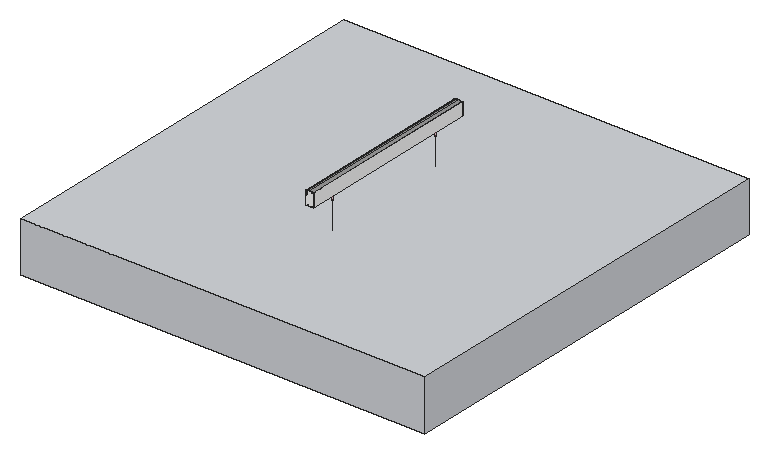
Revit family "LAMP_FIL 45 1120MM D-I OPAL COMFORT", category Luminarias, Revit 2018
Family settings
  Anfitrión = Cara
  Cota de conector redondo = Diámetro de uso
  Tipo de pieza = Normal
  Corte con vacíos al cargar = No
  Origen de luz = Sí
  Compartido = No
  Punto de cálculo de habitación = No
Parameters (values of type "4000LM 3000K  BLACK")
  Ángulo de inclinación = -90.00°
  Weight = 3.20 kg
  Wattage = 19.81 W
  Type = "MID POWER TRIDONIC"
  built-in parameter 1150107 = 3000 (stored number, unit not read)
  Suspension distance [instance] = if(Suspension > 4000 mm, 4000 mm, if(Suspension < 1 mm, 1 mm, Suspension))  # 200 mm
  Suspension [instance] = 200 mm
  built-in parameter 1150110 = 1 (stored number, unit not read)
  built-in parameter 1150109 = 1 (stored number, unit not read)
  built-in parameter 1150112 = 1 (stored number, unit not read)
  built-in parameter 1150113 = 1 (stored number, unit not read)
  built-in parameter 1114218 = 1 (stored number, unit not read)
  Protection rating = "IP20 / IK07"
  Product datasheet = "http://www.lamp.es/product-files/TECH/F41SF140MOIP830NB-EN.pdf"
  Product code = "F41SF140MOIP830NB"
  Product URL = "https://www.lamp.es/en/family/fil-45_413951"
  Power Supply = "220-240V 50/60Hz"
  Power = 30 W
  Plum = 33.3 W
  Photobiological risk = ""
  NOT COVER 2 [instance] = not(END COVER 2)  # no
  NOT COVER 1 [instance] = not(END COVER 1)  # no
  built-in parameter 1150137 = (empty or 0)
  built-in parameter 1150132 = 2
  Modelo = Product code  # "F41SF140MOIP830NB"
  Model Explanation = ""
  Material suspension = LAMP_Acero genérico
  Material perfil = LAMP_Aluminio Perfil Fil NG
  Material difusor = LAMP_PC Difusor Opal Fil
  Manufacturer name = "LAMP"
  Manufacturer country = "Spain"
  Manufacturer URL = "http://www.lamp.es/en"
  MacAdam = "3"
  Longitud de línea de emisión = 1120 mm
  Last update = "21/04/2021"
  Lamp = "MID-POWER LED"
  LED Lifetime = "70.000 L80 B10"
  built-in parameter 1150105 = 140.65 (stored number, unit not read)
  built-in parameter 1150102 = (empty or 0)
  Insulation class = "I"
  Installation instructions = "https://www.lamp.es/product-files/INS/1004580-C%20INSTR.%20FIL45.pdf"
  Indirect light = LAMP_FIL 45 1120MM D-I OPAL COMFORT_I : 3000K
  built-in parameter 1150106 = 1.4065 (stored number, unit not read)
  IEE = "A+"
  Gear = "Electronic"
  Lumens = 1767.45 lm
  Finish = "Matte black RAL 9011"
  Color Filter = 16777215
  built-in parameter 1114217 = 1 (stored number, unit not read)
  built-in parameter 1150139 = (empty or 0)
  Fabricante = Manufacturer name  # "LAMP"
  Default Elevation = 1219.2 mm
  built-in parameter 1150104 = 8.2888 (stored number, unit not read)
  Efficacy = 94.8 lm/W
  END COVER 2 [instance] = yes
  END COVER 1 [instance] = yes
  Dimensions = "1120x45x80"
  Descripción = "FIL45 SUR 1400 5000 WW D/I OP COMF BK."
  built-in parameter 1150115 = 1 (stored number, unit not read)
  built-in parameter 1150114 = 1 (stored number, unit not read)
  built-in parameter 1150138 = (empty or 0)
  built-in parameter 1150134 = 3
  Dimming Lamp Color Temperature Shift = (empty or 0)
  CRI = "80"
  Archivo de red fotométrica = "F41SF112MOIP830NW_D.IES"
  built-in parameter 1150133 = 10 (stored number, unit not read)
Types (12, lengths in mm): name | Weight | built-in parameter 1150107 | Product datasheet | Product code | Modelo | Material perfil | built-in parameter 1150105 | Indirect light | built-in parameter 1150106 | Lumens | Finish | built-in parameter 1150104 | Efficacy | Descripción | Archivo de red fotométrica
  4000LM 3000K DALI BLACK | 3.348 kg | 3000 (stored number, unit not read) | "http://www.lamp.es/product-files/TECH/F41SF140MOIP830DB-EN.pdf" | "F41SF140MOIP830DB" | "F41SF140MOIP830DB" | LAMP_Aluminio Perfil Fil NG | 140.65 (stored number, unit not read) | LAMP_FIL 45 1120MM D-I OPAL COMFORT_I : 3000K | 1.4065 (stored number, unit not read) | 1767.45 lm | "Matte black RAL 9011" | 8.2888 (stored number, unit not read) | 94.8 lm/W | "FIL45 SUR 1400 5000 WW D/I OP COMF DA BK" | "F41SF112MOIP830NW_D.IES"
  4000LM 3000K DALI GREY | 3.348 kg | 3000 (stored number, unit not read) | "http://www.lamp.es/product-files/TECH/F41SF140MOIP830DG-EN.pdf" | "F41SF140MOIP830DG" | "F41SF140MOIP830DG" | LAMP_Aluminio Perfil Fil GR | 140.65 (stored number, unit not read) | LAMP_FIL 45 1120MM D-I OPAL COMFORT_I : 3000K | 1.4065 (stored number, unit not read) | 1767.45 lm | "Gloss grey" | 8.2888 (stored number, unit not read) | 94.8 lm/W | "FIL45 SUR 1400 5000 WW D/I OP COMF DA GR" | "F41SF112MOIP830NW_D.IES"
  4000LM 3000K DALI WHITE | 3.348 kg | 3000 (stored number, unit not read) | "http://www.lamp.es/product-files/TECH/F41SF140MOIP830DW-EN.pdf" | "F41SF140MOIP830DW" | "F41SF140MOIP830DW" | LAMP_Aluminio Perfil Fil BL | 140.65 (stored number, unit not read) | LAMP_FIL 45 1120MM D-I OPAL COMFORT_I : 3000K | 1.4065 (stored number, unit not read) | 1767.45 lm | "Matte white RAL 9010" | 8.2888 (stored number, unit not read) | 94.8 lm/W | "FIL45 SUR 1400 5000 WW D/I OP COMF DA WH" | "F41SF112MOIP830NW_D.IES"
  4000LM 3000K  BLACK | 3.20 kg | 3000 (stored number, unit not read) | "http://www.lamp.es/product-files/TECH/F41SF140MOIP830NB-EN.pdf" | "F41SF140MOIP830NB" | "F41SF140MOIP830NB" | LAMP_Aluminio Perfil Fil NG | 140.65 (stored number, unit not read) | LAMP_FIL 45 1120MM D-I OPAL COMFORT_I : 3000K | 1.4065 (stored number, unit not read) | 1767.45 lm | "Matte black RAL 9011" | 8.2888 (stored number, unit not read) | 94.8 lm/W | "FIL45 SUR 1400 5000 WW D/I OP COMF BK." | "F41SF112MOIP830NW_D.IES"
  4000LM 3000K  GREY | 3.20 kg | 3000 (stored number, unit not read) | "http://www.lamp.es/product-files/TECH/F41SF140MOIP830NG-EN.pdf" | "F41SF140MOIP830NG" | "F41SF140MOIP830NG" | LAMP_Aluminio Perfil Fil GR | 140.65 (stored number, unit not read) | LAMP_FIL 45 1120MM D-I OPAL COMFORT_I : 3000K | 1.4065 (stored number, unit not read) | 1767.45 lm | "Gloss grey" | 8.2888 (stored number, unit not read) | 94.8 lm/W | "FIL45 SUR 1400 5000 WW D/I OP COMF GR." | "F41SF112MOIP830NW_D.IES"
  4000LM 3000K  WHITE | 3.20 kg | 3000 (stored number, unit not read) | "http://www.lamp.es/product-files/TECH/F41SF140MOIP830NW-EN.pdf" | "F41SF140MOIP830NW" | "F41SF140MOIP830NW" | LAMP_Aluminio Perfil Fil BL | 140.65 (stored number, unit not read) | LAMP_FIL 45 1120MM D-I OPAL COMFORT_I : 3000K | 1.4065 (stored number, unit not read) | 1767.45 lm | "Matte white RAL 9010" | 8.2888 (stored number, unit not read) | 94.8 lm/W | "FIL45 SUR 1400 5000 WW D/I OP COMF WH." | "F41SF112MOIP830NW_D.IES"
  4000LM 4000K DALI BLACK | 3.348 kg | 4000 (stored number, unit not read) | "http://www.lamp.es/product-files/TECH/F41SF140MOIP840DB-EN.pdf" | "F41SF140MOIP840DB" | "F41SF140MOIP840DB" | LAMP_Aluminio Perfil Fil NG | 159.71 (stored number, unit not read) | LAMP_FIL 45 1120MM D-I OPAL COMFORT_I : 4000K | 1.5971 (stored number, unit not read) | 2006.95 lm | "Matte black RAL 9011" | 9.412 (stored number, unit not read) | 107.61 lm/W | "FIL45 SUR 1400 5000 NW D/I OP COMF DA BK" | "F41SF112MOIP840NW_D.IES"
  4000LM 4000K DALI GREY | 3.348 kg | 4000 (stored number, unit not read) | "http://www.lamp.es/product-files/TECH/F41SF140MOIP840DG-EN.pdf" | "F41SF140MOIP840DG" | "F41SF140MOIP840DG" | LAMP_Aluminio Perfil Fil GR | 159.71 (stored number, unit not read) | LAMP_FIL 45 1120MM D-I OPAL COMFORT_I : 4000K | 1.5971 (stored number, unit not read) | 2006.95 lm | "Gloss grey" | 9.412 (stored number, unit not read) | 107.61 lm/W | "FIL45 SUR 1400 5000 NW D/I OP COMF DA GR" | "F41SF112MOIP840NW_D.IES"
  4000LM 4000K DALI WHITE | 3.348 kg | 4000 (stored number, unit not read) | "http://www.lamp.es/product-files/TECH/F41SF140MOIP840DW-EN.pdf" | "F41SF140MOIP840DW" | "F41SF140MOIP840DW" | LAMP_Aluminio Perfil Fil BL | 159.71 (stored number, unit not read) | LAMP_FIL 45 1120MM D-I OPAL COMFORT_I : 4000K | 1.5971 (stored number, unit not read) | 2006.95 lm | "Matte white RAL 9010" | 9.412 (stored number, unit not read) | 107.61 lm/W | "FIL45 SUR 1400 5000 NW D/I OP COMF DA WH" | "F41SF112MOIP840NW_D.IES"
  4000LM 4000K  BLACK | 3.20 kg | 4000 (stored number, unit not read) | "http://www.lamp.es/product-files/TECH/F41SF140MOIP840NB-EN.pdf" | "F41SF140MOIP840NB" | "F41SF140MOIP840NB" | LAMP_Aluminio Perfil Fil NG | 159.71 (stored number, unit not read) | LAMP_FIL 45 1120MM D-I OPAL COMFORT_I : 4000K | 1.5971 (stored number, unit not read) | 2006.95 lm | "Matte black RAL 9011" | 9.412 (stored number, unit not read) | 107.61 lm/W | "FIL45 SUR 1400 5000 NW D/I OP COMF BK." | "F41SF112MOIP840NW_D.IES"
  4000LM 4000K  GREY | 3.20 kg | 4000 (stored number, unit not read) | "http://www.lamp.es/product-files/TECH/F41SF140MOIP840NG-EN.pdf" | "F41SF140MOIP840NG" | "F41SF140MOIP840NG" | LAMP_Aluminio Perfil Fil GR | 159.71 (stored number, unit not read) | LAMP_FIL 45 1120MM D-I OPAL COMFORT_I : 4000K | 1.5971 (stored number, unit not read) | 2006.95 lm | "Gloss grey" | 9.412 (stored number, unit not read) | 107.61 lm/W | "FIL45 SUR 1400 5000 NW D/I OP COMF GR." | "F41SF112MOIP840NW_D.IES"
  4000LM 4000K  WHITE | 3.20 kg | 4000 (stored number, unit not read) | "http://www.lamp.es/product-files/TECH/F41SF140MOIP840NW-EN.pdf" | "F41SF140MOIP840NW" | "F41SF140MOIP840NW" | LAMP_Aluminio Perfil Fil BL | 159.71 (stored number, unit not read) | LAMP_FIL 45 1120MM D-I OPAL COMFORT_I : 4000K | 1.5971 (stored number, unit not read) | 2006.95 lm | "Matte white RAL 9010" | 9.412 (stored number, unit not read) | 107.61 lm/W | "FIL45 SUR 1400 5000 NW D/I OP COMF WH." | "F41SF112MOIP840NW_D.IES"
Reference planes
  plane 1 "Centro (Frontal/Posterior)": y = 0
  plane 2: z = 0
  plane 3 "Centro (Izquierda/Derecha)": x = 0
Forms (mm)
  Extrusion 1, solid
    sketch origin (0, 0, 0) x (1, 0, 0) y (0, 1, 0)
      loop
        line (-1219.2, 1219.2) -> (-1219.2, -1219.2) -> (1219.2, -1219.2) -> (1219.2, 1219.2) -> (-1219.2, 1219.2)
    from 0 to -304.8
  Extrusion 2, solid, material "LAMP_Aluminio Perfil Fil NG" <- "Material perfil"
    sketch origin (0, 0, 0) x (1, 0, 0) y (0, 0, 1)
      loop
        arc (22.5, 285.7) -> (21.5, 286.7) -> (20.5, 285.7) r 1
        line (20.5, 285.7) -> (20.5, 284.2) -> (17.8, 284.2) -> (17.8, 259) -> (0, 259) -> (-17.8, 259) -> (-17.8, 284.2) -> (-20.5, 284.2) -> (-20.5, 285.7)
        arc (-20.5, 285.7) -> (-21.5, 286.7) -> (-22.5, 285.7) r 1
        line (-22.5, 285.7) -> (-22.5, 206.5) -> (-20.7, 206.5) -> (-20.7, 210) -> (-12.5, 210) -> (-12.5, 208) -> (-14.8, 208) -> (-14.5, 206.5) -> (-11, 206.5) -> (-11, 214.5) -> (0, 214.5) -> (11, 214.5) -> (11, 206.5) -> (14.5, 206.5) -> (14.8, 208) -> (12.5, 208) -> (12.5, 210) -> (20.7, 210) -> (20.7, 206.5) -> (22.5, 206.5) -> (22.5, 285.7)
    from -560 to 560
  Extrusion 3, solid, material "LAMP_Acero genérico" <- "Material suspension"
    sketch origin (0, 0, 0) x (1, 0, 0) y (0, 0, 1)
      loop
        line (-12.5, 201) -> (-15.291, 208.272) -> (-12.823, 210) -> (-13.823, 210) -> (-16.291, 208.272) -> (-13.116, 200) -> (0, 200) -> (13.116, 200) -> (16.291, 208.272) -> (13.823, 210) -> (12.823, 210) -> (15.291, 208.272) -> (12.5, 201) -> (0, 201) -> (-12.5, 201)
    from -400 to -378
  Extrusion 4, solid, material "LAMP_Acero genérico" <- "Material suspension"
    sketch origin (0, -24, 0) x (1, 0, 0) y (0, 1, 0)
      loop
        circle (0, -365) r 5
    from 163.2 to 200
  Extrusion 5, solid, material "LAMP_Acero genérico" <- "Material suspension"
    sketch origin (0, 24, 0) x (1, 0, 0) y (0, 1, 0)
      loop
        circle (0, 365) r 5
    from 163.2 to 200
  Extrusion 6, solid, material "LAMP_Acero genérico" <- "Material suspension"
    sketch origin (0, 0, 0) x (1, 0, 0) y (0, 1, 0)
      loop
        circle (0, -389) r 1
    from 0 to 163.2
  Extrusion 7, solid, material "LAMP_Acero genérico" <- "Material suspension"
    sketch origin (0, 0, 0) x (1, 0, 0) y (0, 1, 0)
      loop
        circle (0, 389) r 1
    from 0 to 163.2
  Extrusion 8, solid, material "LAMP_PC Difusor Opal Fil" <- "Material difusor"
    sketch origin (0, 0, 0) x (1, 0, 0) y (0, 0, 1)
      loop
        line (-20.5, 284.2) -> (0, 284.2) -> (20.5, 284.2) -> (20.5, 286.7) -> (0, 286.7) -> (-20.5, 286.7) -> (-20.5, 284.2)
    from -560 to 560
  Extrusion 9, solid, material "LAMP_Acero genérico" <- "Material suspension"
    sketch origin (0, 0, 0) x (1, 0, 0) y (0, 0, -1)
      loop
        line (-12.5, -201) -> (0, -201) -> (12.5, -201) -> (15.291, -208.272) -> (12.823, -210) -> (13.823, -210) -> (16.291, -208.272) -> (13.116, -200) -> (0, -200) -> (-13.116, -200) -> (-16.291, -208.272) -> (-13.823, -210) -> (-12.823, -210) -> (-15.291, -208.272) -> (-12.5, -201)
    from -400 to -378
  Extrusion 10, solid, material "LAMP_PC Difusor Opal Fil" <- "Material difusor"
    sketch origin (0, 0, 0) x (1, 0, 0) y (0, 0, 1)
      loop
        line (-11, 214.5) -> (-11, 206.5) -> (-7.529, 206.5) -> (11, 206.5) -> (11, 214.5) -> (10, 214.5) -> (10, 207.5) -> (-10, 207.5) -> (-10, 214.5) -> (-11, 214.5)
    from -560 to 560
Lines and regions (mm)
  reference lines
    curve 1: line (0, -445.47, 200) -> (0, 544.53, 200)
Text (mm)
  text "Any modification of the parameters and properties of the LAMP BIM models must be executed and validated by the LAMP technical department.\nPhone: +34 93 736 68 00\nE-mail: lamp@lamp.es\n\nLAMP reserves the right to modify the technical specifications of its products." at (3279.264, 5298.162, -2684.539), in view "Preview"
Dimensions and locks
  "Suspension distance": level to curve 1
  locked: Extrusion 4 to Extrusion 4 at 36.8
  locked: Extrusion 5 to Extrusion 5 at 36.8
  aligned and locked: plane 2 to Extrusion 1
  aligned and locked: level to Extrusion 1
  aligned and locked: Extrusion 8 to Extrusion 2  (x2)
  aligned and locked: curve 1 to Extrusion 9
  aligned and locked: curve 1 to Extrusion 3
  aligned and locked: Extrusion 4 to curve 1
  aligned and locked: Extrusion 5 to curve 1
  aligned and locked: Extrusion 6 to Extrusion 4
  aligned and locked: Extrusion 7 to Extrusion 5
  aligned and locked: Extrusion 2 to Extrusion 9  (x2)
  aligned and locked: imposter light to Extrusion 8
  aligned and locked: Extrusion 10 to Extrusion 2
  aligned and locked: nested 1 to Extrusion 2  (x2)
  aligned and locked: nested 2 to Extrusion 2  (x2)
Automatic sketch dimensions
  Extrusion 1 sketch curve to Extrusion 1 sketch curve = 2438.4 mm  (x2)
  Extrusion 3 sketch curve to plane 3 "Centro (Izquierda/Derecha)" = 0 mm  (x2)
  Extrusion 3 sketch curve to Extrusion 3 sketch curve = 12.5 mm
  Extrusion 3 sketch curve to Extrusion 3 sketch curve = 0.323 mm  (x2)
  Extrusion 3 sketch curve to Extrusion 3 sketch curve = 0.616 mm  (x2)
  Extrusion 3 sketch curve to Extrusion 3 sketch curve = 1 mm  (x5)
  Extrusion 3 sketch curve to Extrusion 3 sketch curve = 1.468 mm  (x2)
  plane 3 "Centro (Izquierda/Derecha)" to Extrusion 3 sketch curve = 12.5 mm
  level to Extrusion 3 sketch curve = 200 mm
  Extrusion 3 sketch curve to Extrusion 3 sketch curve = 7.272 mm  (x2)
  Extrusion 3 sketch curve to Extrusion 3 sketch curve = 0 mm  (x2)
  Extrusion 3 sketch curve to Extrusion 3 sketch curve = 1.728 mm  (x2)
  Extrusion 4 sketch curve to plane 3 "Centro (Izquierda/Derecha)" = 0 mm
  plane 1 "Centro (Frontal/Posterior)" to Extrusion 4 sketch curve = 389 mm
  Extrusion 5 sketch curve to plane 3 "Centro (Izquierda/Derecha)" = 0 mm
  plane 1 "Centro (Frontal/Posterior)" to Extrusion 5 sketch curve = 389 mm
  Extrusion 6 sketch curve to plane 3 "Centro (Izquierda/Derecha)" = 0 mm
  plane 1 "Centro (Frontal/Posterior)" to Extrusion 6 sketch curve = 389 mm
  Extrusion 7 sketch curve to plane 3 "Centro (Izquierda/Derecha)" = 0 mm
  plane 1 "Centro (Frontal/Posterior)" to Extrusion 7 sketch curve = 389 mm
  Extrusion 2 sketch curve to plane 3 "Centro (Izquierda/Derecha)" = 0 mm  (x2)
  Extrusion 2 sketch curve to plane 3 "Centro (Izquierda/Derecha)" = 11 mm
  Extrusion 2 sketch curve to Extrusion 2 sketch curve = 1.5 mm  (x6)
  Extrusion 2 sketch curve to Extrusion 2 sketch curve = 2 mm  (x2)
  Extrusion 2 sketch curve to Extrusion 2 sketch curve = 0.3 mm  (x2)
  Extrusion 2 sketch curve to Extrusion 2 sketch curve = 17.8 mm
  Extrusion 2 sketch curve to Extrusion 2 sketch curve = 2.7 mm  (x2)
  Extrusion 2 sketch curve to Extrusion 2 sketch curve = 5.9 mm  (x2)
  Extrusion 2 sketch curve to Extrusion 2 sketch curve = 1 mm  (x2)
  plane 3 "Centro (Izquierda/Derecha)" to Extrusion 2 sketch curve = 11 mm
  plane 3 "Centro (Izquierda/Derecha)" to Extrusion 2 sketch curve = 17.8 mm
  level to Extrusion 2 sketch curve = 206.5 mm
  Extrusion 2 sketch curve to Extrusion 2 sketch curve = 0 mm  (x3)
  Extrusion 2 sketch curve to Extrusion 2 sketch curve = 3.5 mm  (x2)
  Extrusion 2 sketch curve to Extrusion 2 sketch curve = 4.5 mm
  Extrusion 2 sketch curve to Extrusion 2 sketch curve = 44.5 mm
  Extrusion 2 sketch curve to Extrusion 2 sketch curve = 25.2 mm  (x2)
  Extrusion 8 sketch curve to plane 3 "Centro (Izquierda/Derecha)" = 0 mm  (x2)
  Extrusion 8 sketch curve to Extrusion 8 sketch curve = 20.5 mm
  plane 3 "Centro (Izquierda/Derecha)" to Extrusion 8 sketch curve = 20.5 mm
  level to Extrusion 8 sketch curve = 284.2 mm
  Extrusion 8 sketch curve to Extrusion 8 sketch curve = 2.5 mm
  Extrusion 9 sketch curve to plane 3 "Centro (Izquierda/Derecha)" = 0 mm  (x2)
  Extrusion 9 sketch curve to Extrusion 9 sketch curve = 12.5 mm
  Extrusion 9 sketch curve to Extrusion 9 sketch curve = 0.323 mm  (x2)
  Extrusion 9 sketch curve to Extrusion 9 sketch curve = 0.616 mm  (x2)
  Extrusion 9 sketch curve to Extrusion 9 sketch curve = 1 mm  (x5)
  Extrusion 9 sketch curve to Extrusion 9 sketch curve = 1.468 mm  (x2)
  plane 3 "Centro (Izquierda/Derecha)" to Extrusion 9 sketch curve = 12.5 mm
  level to Extrusion 9 sketch curve = 210 mm
  Extrusion 9 sketch curve to Extrusion 9 sketch curve = 0 mm  (x3)
  Extrusion 9 sketch curve to Extrusion 9 sketch curve = 1.728 mm  (x2)
  Extrusion 9 sketch curve to Extrusion 9 sketch curve = 7.272 mm
  Extrusion 10 sketch curve to plane 3 "Centro (Izquierda/Derecha)" = 11 mm
  Extrusion 10 sketch curve to Extrusion 10 sketch curve = 1 mm  (x3)
  Extrusion 10 sketch curve to Extrusion 10 sketch curve = 2.471 mm
  plane 3 "Centro (Izquierda/Derecha)" to Extrusion 10 sketch curve = 10 mm
  level to Extrusion 10 sketch curve = 206.5 mm
  Extrusion 10 sketch curve to Extrusion 10 sketch curve = 7 mm  (x2)
  plane 1 "Centro (Frontal/Posterior)" to curve 1 = 445.47 mm
  curve 1 to plane 1 "Centro (Frontal/Posterior)" = 544.53 mm
  radius of Extrusion 4 sketch curve = 5 mm
  radius of Extrusion 5 sketch curve = 5 mm
  radius of Extrusion 6 sketch curve = 1 mm
  radius of Extrusion 7 sketch curve = 1 mm
Nested families
  nested 1: "LAMP_FIL 45 END COVER SURFACE" at (0, -561, 206.5), visible <- "END COVER 1", type "LAMP_FIL 45 END COVER SURFACE"
  nested 2: "LAMP_FIL 45 END COVER SURFACE" at (0, 561, 206.5), visible <- "END COVER 2", type "LAMP_FIL 45 END COVER SURFACE"
  nested 3: "LAMP_FIL 45 1120MM D-I OPAL COMFORT_I" at (0, 0, -1293.5), type "3000K"
Connectors
  electrical at (0, 389, 200)
    settings: on Extrusion 5, index 1, voltage 230 V, apparent load 0 VA, apparent load phase1 0 VA, apparent load phase2 0 VA, apparent load phase3 0 VA, power factor 1, load classification "Otro", number of poles 1, system type 31, power factor state 1, is connector primary yes, connector utility no, sub classification motor no, connector description ""
Definition of nested family "LAMP_FIL 45 END COVER SURFACE"
  Parameters (values of type "Blanco")
    Material tapa = none
  Reference planes
    plane 1 "Centro (Frontal/Posterior)": y = 0
    plane 2: z = 0
    plane 3 "Centro (Izquierda/Derecha)": x = 0
  Forms (mm)
    Extrusion 1, solid, material <- "Material tapa"
      sketch origin (0, 0, 0) x (0, -1, 0) y (0, 0, 1)
        loop
          line (0, 0) -> (1, 0) -> (1, 80) -> (-1, 80) -> (-1, 0) -> (0, 0)
      from -22.5 to 22.5
  Dimensions and locks
    aligned and locked: level to plane 2
Definition of nested family "LAMP_FIL 45 1120MM D-I OPAL COMFORT_I"
  Parameters (values of type "3000K")
    Tilt Angle = -90.00°
    Wattage = 8.49 W
    built-in parameter 1150110 = 1 (stored number, unit not read)
    built-in parameter 1114217 = 1 (stored number, unit not read)
    built-in parameter 1150109 = 1 (stored number, unit not read)
    built-in parameter 1150134 = (empty or 0)
    built-in parameter 1150113 = 1 (stored number, unit not read)
    Lumens = 757.478 lm
    built-in parameter 1150115 = 1 (stored number, unit not read)
    built-in parameter 1150105 = 60.278 (stored number, unit not read)
    built-in parameter 1150137 = (empty or 0)
    built-in parameter 1150139 = (empty or 0)
    built-in parameter 1150112 = 1 (stored number, unit not read)
    built-in parameter 1150114 = 1 (stored number, unit not read)
    built-in parameter 1150132 = 2
    built-in parameter 1150102 = (empty or 0)
    built-in parameter 1150138 = (empty or 0)
    built-in parameter 1150107 = 3000 (stored number, unit not read)
    built-in parameter 1150106 = 0.60278 (stored number, unit not read)
    built-in parameter 1150104 = 8.2888 (stored number, unit not read)
    Dimming Lamp Color Temperature Shift = (empty or 0)
    Color Filter = 16777215
    built-in parameter 1114218 = 1 (stored number, unit not read)
    Photometric Web File = "F41SF112MOIP830NW_I.IES"
    built-in parameter 1150133 = 10 (stored number, unit not read)
  Types (3, lengths in mm): name | built-in parameter 1150134 | Lumens | built-in parameter 1150105 | built-in parameter 1150107 | built-in parameter 1150106 | built-in parameter 1150104 | Photometric Web File
    (no name) | (empty or 0) | 757.478 lm | 60.278 (stored number, unit not read) | 3000 (stored number, unit not read) | 0.60278 (stored number, unit not read) | 8.2888 (stored number, unit not read) | "F41SF112MOIP830NW_I.IES"
    3000K | (empty or 0) | 757.478 lm | 60.278 (stored number, unit not read) | 3000 (stored number, unit not read) | 0.60278 (stored number, unit not read) | 8.2888 (stored number, unit not read) | "F41SF112MOIP830NW_I.IES"
    4000K | 12 | 860.122 lm | 68.446 (stored number, unit not read) | 4000 (stored number, unit not read) | 0.68446 (stored number, unit not read) | 9.412 (stored number, unit not read) | "F41SF112MOIP840NW_I.IES"
  Reference planes
    plane 1 "Eje de origen de luz (F/P)": y = 0
    plane 2: z = 0
    plane 3 "Eje de origen de luz (I/D)": x = 0
    plane 4 "Elevación de origen de luz": z = 1500
  Dimensions and locks
    aligned and locked: plane 3 "Eje de origen de luz (I/D)" to imposter light
    aligned and locked: plane 1 "Eje de origen de luz (F/P)" to imposter light
    aligned and locked: plane 4 "Elevación de origen de luz" to imposter light
    aligned and locked: level to plane 2
